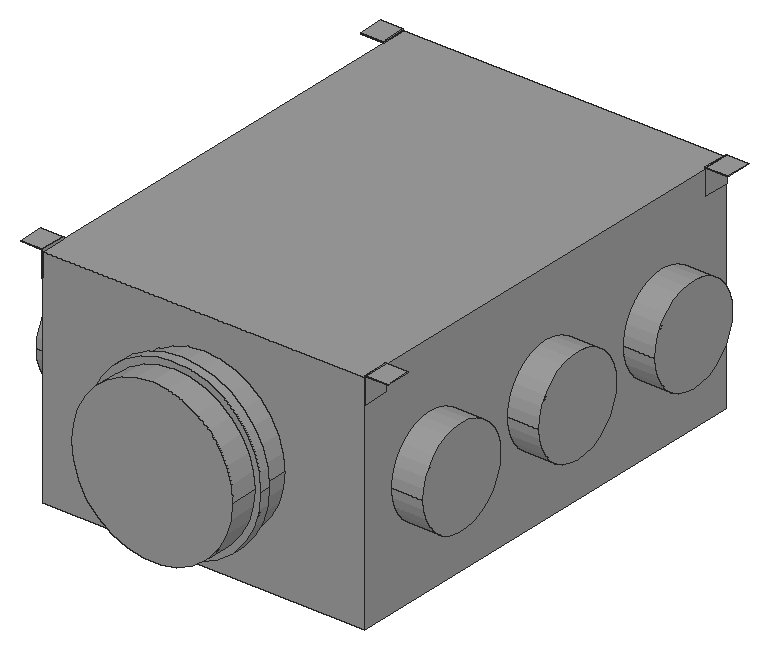
Revit family "FASU(F8-150 250Φ)", category ダクト付属品, Revit 2021
Family settings
  丸型コネクタ寸法 = 直径を使用
  パーツ タイプ = ダンパー
  OmniClass 番号 = 23.75.00.00
  OmniClass タイトル = Climate Control (HVAC)
  作業面ベース = いいえ
  常に垂直 = はい
  ロード時にボイドで切り取り = いいえ
  共有 = いいえ
Parameters
  高さ = 350 mm
  風量 = 0.0 L/s
  符号 = "FASU"
  形式 = "F8-150 250φ"
  幅 [instance] = 500 mm
  奥行き = 700 mm
  大きさ = 250 mm
  呼称 = "FASUチャンバー"
  付属品_下端レベル [instance] = 0 mm
  マテリアル [instance] = 既定値
  ダクト_イン = 250 mm
  ダクト_アウト = 150 mm
  既定の高さ = 0 mm
Reference planes
  plane 1 "中心(正面/背面)": y = 0
  plane 2: z = 0
  plane 3 "中心(左/右)": x = 0
  plane 4: x = -250
  plane 5: x = 250
  plane 6: y = -700
  plane 7: z = 350
  plane 8: z = 175
  plane 9: z = 266.963
  plane 10: z = 86.159
  plane 11: x = -251
  plane 12: z = 313.122
  plane 13: z = 352.122
  plane 14: y = -350
Forms (mm)
  Extrusion 1, solid, material "既定値" <- "マテリアル"
    sketch origin (0, 0, 0) x (1, 0, 0) y (0, 1, 0)
      loop
        line (-250, 0) -> (-250, -700) -> (250, -700) -> (250, 0) -> (-250, 0)
    from 0 to 350
  Extrusion 2, solid, material "既定値" <- "マテリアル"
    sketch origin (0, -30, 0) x (1, 0, 0) y (0, 1, 0)
      loop
        line (-250, 30) -> (-251, 30) -> (-251, -10) -> (-250, -10) -> (-250, 30)
    from 313.122 to 350
  Extrusion 3, solid, material "既定値" <- "マテリアル"
    sketch origin (0, -30, 0) x (1, 0, 0) y (0, 1, 0)
      loop
        line (-285, 30) -> (-285, -10) -> (-251, -10) -> (-251, 30) -> (-285, 30)
    from 352.122 to 350
  Extrusion 4, solid, material "既定値" <- "マテリアル"
    sketch origin (0, -30, 0) x (-1, 0, 0) y (0, -1, 0)
      loop
        line (-250, -30) -> (-250, 10) -> (-251, 10) -> (-251, -30) -> (-250, -30)
    from 313.122 to 353.122
  Extrusion 5, solid, material "既定値" <- "マテリアル"
    sketch origin (0, -30, 0) x (-1, 0, 0) y (0, -1, 0)
      loop
        line (-285, -30) -> (-251, -30) -> (-251, 10) -> (-285, 10) -> (-285, -30)
    from 352.122 to 353.122
  Extrusion 6, solid, material "既定値" <- "マテリアル"
    sketch origin (0, -490, 0) x (1, 0, 0) y (0, 1, 0)
      loop
        line (-285, -170) -> (-285, -210) -> (-251, -210) -> (-251, -170) -> (-285, -170)
    from 352.122 to 353.122
  Extrusion 7, solid, material "既定値" <- "マテリアル"
    sketch origin (0, -490, 0) x (1, 0, 0) y (0, 1, 0)
      loop
        line (-250, -170) -> (-251, -170) -> (-251, -210) -> (-250, -210) -> (-250, -170)
    from 313.122 to 353.122
  Extrusion 8, solid, material "既定値" <- "マテリアル"
    sketch origin (0, -490, 0) x (-1, 0, 0) y (0, -1, 0)
      loop
        line (-285, 170) -> (-251, 170) -> (-251, 210) -> (-285, 210) -> (-285, 170)
    from 352.122 to 353.122
  Extrusion 9, solid, material "既定値" <- "マテリアル"
    sketch origin (0, -490, 0) x (-1, 0, 0) y (0, -1, 0)
      loop
        line (-250, 170) -> (-250, 210) -> (-251, 210) -> (-251, 170) -> (-250, 170)
    from 313.122 to 353.122
  Extrusion 10, solid, material "既定値" <- "マテリアル"
    sketch origin (550, -582.5, 0) x (0, -1, 0) y (0, 0, -1)
      loop
        circle (-232.5, -175) r 74.985
    from -300 to -250
  Extrusion 11, solid, material "既定値" <- "マテリアル"
    sketch origin (-550, -582.5, 0) x (0, -1, 0) y (0, 0, 1)
      loop
        circle (-232.5, 175) r 74.985
    from -300 to -250
  Extrusion 12, solid, material "既定値" <- "マテリアル"
    sketch origin (550, -357.5, 0) x (0, -1, 0) y (0, 0, -1)
      loop
        circle (-232.5, -175) r 74.985
    from -300 to -250
  Extrusion 13, solid, material "既定値" <- "マテリアル"
    sketch origin (-550, -357.5, 0) x (0, -1, 0) y (0, 0, 1)
      loop
        circle (-232.5, 175) r 74.985
    from -300 to -250
  Extrusion 14, solid, material "既定値" <- "マテリアル"
    sketch origin (550, -142.5, 0) x (0, 1, 0) y (0, 0, 1)
      loop
        circle (-432.5, 175) r 74.985
    from -300 to -250
  Extrusion 15, solid, material "既定値" <- "マテリアル"
    sketch origin (0, -142.5, 0) x (0, 1, 0) y (0, 0, 1)
      loop
        circle (-432.5, 175) r 74.985
    from -300 to -250
  Extrusion 16, solid, material "既定値" <- "マテリアル"
    sketch origin (345.5, 300, 0) x (1, 0, 0) y (0, 0, -1)
      loop
        circle (-232.5, -175) r 74.985
    from -300 to -250
  Extrusion 17, solid, material "既定値" <- "マテリアル"
    sketch origin (-345.5, 300, 0) x (-1, 0, 0) y (0, 0, 1)
      loop
        circle (-232.5, 175) r 74.985
    from -300 to -250
  Extrusion 18, solid, material "既定値" <- "マテリアル"
    sketch origin (0, -230, 0) x (1, 0, 0) y (0, 0, 1)
      loop
        circle (0, 175) r 125
    from 470 to 512.5
  Extrusion 19, solid, material "既定値" <- "マテリアル"
    sketch origin (0, -230, 0) x (1, 0, 0) y (0, 0, 1)
      loop
        circle (0, 175) r 135
    from 512.5 to 527.5
  Extrusion 20, solid, material "既定値" <- "マテリアル"
    sketch origin (0, -317.5, 0) x (1, 0, 0) y (0, 0, 1)
      loop
        circle (0, 175) r 125
    from 440 to 482.5
Lines and regions (mm)
  model lines
    curve 1: line (-250, -30, 0) -> (250, -30, 0)
    curve 2: line (-250, -670, 0) -> (250, -670, 0)
Text (mm)
  text "FASU(F8-150 250Φ)" at (3.713, -630.412, 0), in view "参照レベル"
Dimensions and locks
  equal spacing: plane 4, plane 3 "中心(左/右)", plane 5
  "幅": plane 4 to plane 5
  "奥行き": plane 6 to plane 1 "中心(正面/背面)"
  "高さ": plane 7 to level
  equal spacing: plane 7, plane 8, level
  equal spacing: plane 6, plane 14, plane 1 "中心(正面/背面)"
  aligned and locked: level to plane 2
  aligned and locked: Extrusion 1 sketch curve to plane 5
  aligned and locked: plane 7 to Extrusion 1
  aligned and locked: Extrusion 2 sketch curve to Extrusion 1
  aligned and locked: plane 7 to Extrusion 2
  aligned and locked: Extrusion 3 sketch curve to Extrusion 2
  aligned and locked: Extrusion 2 to Extrusion 3 sketch curve
  aligned and locked: plane 7 to Extrusion 3
  aligned and locked: Extrusion 3 to plane 13
  aligned and locked: Extrusion 4 to Extrusion 5 sketch curve
  aligned and locked: Extrusion 5 sketch curve to Extrusion 4
  aligned and locked: Extrusion 1 to Extrusion 8
  aligned and locked: Extrusion 6 to Extrusion 1
  aligned and locked: Extrusion 7 to Extrusion 1
  aligned and locked: Extrusion 1 to Extrusion 9
  aligned and locked: Extrusion 9 to Extrusion 8
  aligned and locked: Extrusion 7 to Extrusion 6
  aligned and locked: plane 4 to Extrusion 7
  aligned and locked: Extrusion 9 to plane 5
  aligned and locked: plane 4 to curve 1
  aligned and locked: plane 5 to curve 1
  aligned and locked: plane 5 to curve 2
  aligned and locked: Extrusion 1 to Extrusion 3
  aligned and locked: Extrusion 5 to Extrusion 1
  aligned and locked: Extrusion 4 to plane 5
  aligned and locked: Extrusion 1 to plane 6
  aligned and locked: Extrusion 1 to plane 1 "中心(正面/背面)"
  aligned and locked: Extrusion 12 to plane 5
  aligned and locked: plane 4 to Extrusion 13
  aligned and locked: Extrusion 14 to plane 5
  aligned and locked: plane 4 to Extrusion 15
  aligned and locked: plane 1 "中心(正面/背面)" to Extrusion 16
  aligned and locked: plane 1 "中心(正面/背面)" to Extrusion 17
  aligned and locked: Extrusion 19 to Extrusion 20
  aligned and locked: Extrusion 19 to Extrusion 18
  aligned and locked: plane 6 to Extrusion 18
Automatic sketch dimensions
  Extrusion 10 sketch curve to plane 8 = 0 mm
  Extrusion 10 sketch curve to plane 14 = 0 mm
  Extrusion 11 sketch curve to plane 8 = 0 mm
  Extrusion 11 sketch curve to plane 14 = 0 mm
  Extrusion 16 sketch curve to plane 8 = 0 mm
  plane 3 "中心(左/右)" to Extrusion 16 sketch curve = 113 mm
  Extrusion 17 sketch curve to plane 8 = 0 mm
  Extrusion 17 sketch curve to plane 3 "中心(左/右)" = 113 mm
  curve 2 to plane 4 = 0 mm
  plane 6 to curve 2 = 30 mm
  plane 1 "中心(正面/背面)" to curve 1 = 30 mm
  Extrusion 1 sketch curve to plane 4 = 0 mm
  Extrusion 1 sketch curve to plane 6 = 0 mm
  plane 1 "中心(正面/背面)" to Extrusion 1 sketch curve = 0 mm
  plane 1 "中心(正面/背面)" to Extrusion 2 sketch curve = 0 mm
  Extrusion 2 sketch curve to plane 11 = 0 mm
  Extrusion 2 sketch curve to Extrusion 2 sketch curve = 40 mm
  plane 1 "中心(正面/背面)" to Extrusion 3 sketch curve = 0 mm
  Extrusion 3 sketch curve to Extrusion 3 sketch curve = 34 mm
  plane 1 "中心(正面/背面)" to Extrusion 4 sketch curve = 0 mm
  Extrusion 4 sketch curve to plane 5 = 0 mm
  Extrusion 4 sketch curve to Extrusion 4 sketch curve = 1 mm
  Extrusion 4 sketch curve to Extrusion 4 sketch curve = 40 mm
  plane 1 "中心(正面/背面)" to Extrusion 5 sketch curve = 0 mm
  Extrusion 5 sketch curve to Extrusion 5 sketch curve = 34 mm
  Extrusion 6 sketch curve to plane 6 = 0 mm
  Extrusion 6 sketch curve to plane 11 = 0 mm
  Extrusion 6 sketch curve to plane 11 = 34 mm
  plane 6 to Extrusion 6 sketch curve = 40 mm
  Extrusion 7 sketch curve to plane 11 = 0 mm
  Extrusion 7 sketch curve to plane 4 = 0 mm
  Extrusion 7 sketch curve to plane 6 = 0 mm
  plane 6 to Extrusion 7 sketch curve = 40 mm
  Extrusion 8 sketch curve to plane 6 = 0 mm
  Extrusion 8 sketch curve to plane 5 = 35 mm
  Extrusion 8 sketch curve to plane 5 = 1 mm
  Extrusion 8 sketch curve to Extrusion 8 sketch curve = 40 mm
  Extrusion 9 sketch curve to plane 6 = 0 mm
  Extrusion 9 sketch curve to plane 5 = 0 mm
  Extrusion 9 sketch curve to Extrusion 9 sketch curve = 1 mm
  Extrusion 9 sketch curve to Extrusion 9 sketch curve = 40 mm
  Extrusion 12 sketch curve to plane 8 = 0 mm
  plane 1 "中心(正面/背面)" to Extrusion 12 sketch curve = 125 mm
  Extrusion 13 sketch curve to plane 8 = 0 mm
  plane 1 "中心(正面/背面)" to Extrusion 13 sketch curve = 125 mm
  Extrusion 14 sketch curve to plane 8 = 0 mm
  plane 6 to Extrusion 14 sketch curve = 125 mm
  Extrusion 15 sketch curve to plane 8 = 0 mm
  plane 6 to Extrusion 15 sketch curve = 125 mm
  Extrusion 18 sketch curve to plane 3 "中心(左/右)" = 0 mm
  Extrusion 18 sketch curve to plane 8 = 0 mm
  Extrusion 19 sketch curve to plane 3 "中心(左/右)" = 0 mm
  Extrusion 19 sketch curve to plane 8 = 0 mm
  Extrusion 20 sketch curve to plane 3 "中心(左/右)" = 0 mm
  Extrusion 20 sketch curve to plane 8 = 0 mm
  radius of Extrusion 10 sketch curve = 74.985 mm
  radius of Extrusion 11 sketch curve = 74.985 mm
  radius of Extrusion 16 sketch curve = 74.985 mm
  radius of Extrusion 17 sketch curve = 74.985 mm
  radius of Extrusion 12 sketch curve = 74.985 mm
  radius of Extrusion 13 sketch curve = 74.985 mm
  radius of Extrusion 14 sketch curve = 74.985 mm
  radius of Extrusion 15 sketch curve = 74.985 mm
  radius of Extrusion 18 sketch curve = 125 mm
  radius of Extrusion 19 sketch curve = 135 mm
  radius of Extrusion 20 sketch curve = 125 mm
Connectors
  hvac at (-300, -575, 175), driven by "ダクト_アウト"
    settings: on Extrusion 15, index 1, duct flow 0.0 L/s, flow factor 0, pres drop 0.0 Pa, loss coef 0, conn angle 0.00°, conn width 304.8 mm, conn height 304.8 mm, conn diameter 150 mm, duct sys type 29, conn prof type 0, flow config 0, flow direction 2, loss method 0, conn ref index -1, conn util no, is conn primary yes, conn desc ""
  hvac at (-300, -350, 175), driven by "ダクト_アウト"
    settings: on Extrusion 11, index 2, duct flow 0.0 L/s, flow factor 0, pres drop 0.0 Pa, loss coef 0, conn angle 0.00°, conn width 304.8 mm, conn height 304.8 mm, conn diameter 150 mm, duct sys type 29, conn prof type 0, flow config 0, flow direction 2, loss method 0, conn ref index -1, conn util no, is conn primary no, conn desc ""
  hvac at (-300, -125, 175), driven by "ダクト_アウト"
    settings: on Extrusion 13, index 3, duct flow 0.0 L/s, flow factor 0, pres drop 0.0 Pa, loss coef 0, conn angle 0.00°, conn width 304.8 mm, conn height 304.8 mm, conn diameter 150 mm, duct sys type 29, conn prof type 0, flow config 0, flow direction 2, loss method 0, conn ref index -1, conn util no, is conn primary no, conn desc ""
  hvac at (-113, 50, 175), driven by "ダクト_アウト"
    settings: on Extrusion 17, index 4, duct flow 0.0 L/s, flow factor 0, pres drop 0.0 Pa, loss coef 0, conn angle 0.00°, conn width 304.8 mm, conn height 304.8 mm, conn diameter 150 mm, duct sys type 29, conn prof type 0, flow config 0, flow direction 2, loss method 0, conn ref index -1, conn util no, is conn primary no, conn desc ""
  hvac at (113, 50, 175), driven by "ダクト_アウト"
    settings: on Extrusion 16, index 5, duct flow 0.0 L/s, flow factor 0, pres drop 0.0 Pa, loss coef 0, conn angle 0.00°, conn width 304.8 mm, conn height 304.8 mm, conn diameter 150 mm, duct sys type 29, conn prof type 0, flow config 0, flow direction 2, loss method 0, conn ref index -1, conn util no, is conn primary no, conn desc ""
  hvac at (300, -125, 175), driven by "ダクト_アウト"
    settings: on Extrusion 12, index 6, duct flow 0.0 L/s, flow factor 0, pres drop 0.0 Pa, loss coef 0, conn angle 0.00°, conn width 304.8 mm, conn height 304.8 mm, conn diameter 150 mm, duct sys type 29, conn prof type 0, flow config 0, flow direction 2, loss method 0, conn ref index -1, conn util no, is conn primary no, conn desc ""
  hvac at (300, -350, 175), driven by "ダクト_アウト"
    settings: on Extrusion 10, index 7, duct flow 0.0 L/s, flow factor 0, pres drop 0.0 Pa, loss coef 0, conn angle 0.00°, conn width 304.8 mm, conn height 304.8 mm, conn diameter 150 mm, duct sys type 29, conn prof type 0, flow config 0, flow direction 2, loss method 0, conn ref index -1, conn util no, is conn primary no, conn desc ""
  hvac at (300, -575, 175), driven by "ダクト_アウト"
    settings: on Extrusion 14, index 8, duct flow 0.0 L/s, flow factor 0, pres drop 0.0 Pa, loss coef 0, conn angle 0.00°, conn width 304.8 mm, conn height 304.8 mm, conn diameter 150 mm, duct sys type 29, conn prof type 0, flow config 0, flow direction 2, loss method 0, conn ref index -1, conn util no, is conn primary no, conn desc ""
  hvac at (0, -800, 175), driven by "ダクト_イン"
    settings: on Extrusion 20, index 18, duct flow 0.0 L/s, flow factor 0, pres drop 0.0 Pa, loss coef 0, conn angle 0.00°, conn width 304.8 mm, conn height 304.8 mm, conn diameter 250 mm, duct sys type 29, conn prof type 0, flow config 0, flow direction 1, loss method 0, conn ref index -1, conn util no, is conn primary no, conn desc ""
